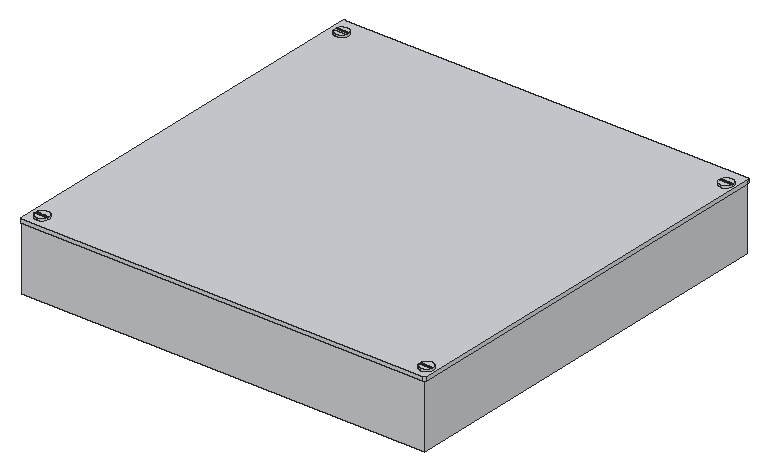
Revit family "AB22G", category Generic Models, Revit 2017
Family settings
  Can host rebar = No
  Round Connector Dimension = Use Diameter
  Part Type = Normal
  Work Plane-Based = Yes
  Always vertical = No
  Cut with Voids When Loaded = No
  Shared = No
  Room Calculation Point = No
Parameters (values of type "NBS Standard Parameters")
  Weight = "2.2Kg"
  WarrantyStartDate [instance] = "1900-12-31T23:59:59"
  WarrantyGuarantorParts = "n/a"
  WarrantyGuarantorLabor = "n/a"
  WarrantyDurationUnit = "1 year"
  WarrantyDurationParts = "n/a"
  WarrantyDurationLabor = "n/a"
  WarrantyDescription = "n/a"
  Version = "1"
  Uniclass2 = "Pr_65_52_01_86"
  TagNumber [instance] = "n/a"
  SustainabilityPerformance = "n/a"
  Size = "300 X 300 X 50mm (12 X 12 X 3\")"
  Shape = "Square"
  SerialNumber [instance] = "n/a"
  Revision = "n/a"
  ReplacementCost = "n/a"
  ProductInformation = "www.metpro.co.uk/pdf/ab22g.pdf"
  NominalWidth = 300 mm
  NominalLength = 300 mm
  NominalHeight = 50 mm
  Name = ""
  NBSTypeID = ""
  NBSReference = "45-35-00/340"
  NBSOfficeMasterTag = ""
  NBSNote = ""
  NBSDescription = "Surface Boxes"
  NBSCertification = ""
  ModelReference = "AB22G"
  ModelNumber = "n/a"
  Material = "Galvanised Steel Sheet"
  ManufacturerURL = "www.metpro.co.uk"
  ManufacturerName = "Metpro Ltd"
  Keynote = "Compliant to LU Standard 1-085"
  InstallationDate [instance] = "1900-12-31T23:59:59"
  IfcExportType = ""
  IfcExportAs = ""
  Grade = "n/a"
  Finish = "Pre Galvanised Sheet Steel"
  Features = "n/a"
  ExpectedLife = "n/a"
  DurationUnit = "year"
  Description = "AB22G - 300 X 300 X 50mm ( 12 X 12 X 2\")  Adaptable Box - Plain"
  Default Elevation = 1219.2 mm
  Constituents = "n/a"
  Color = "n/a"
  CodePerformance = "n/a"
  Category = "n/a"
  BarCode [instance] = "n/a"
  BIMObjectName = "Metpro_metprolibrary_surfaceboxes_adaptablebox_plainsided"
  Author = "Metpro Ltd"
  AssetType = ""
  AssetIdentifier [instance] = "n/a"
  AccessibilityPerformance = "n/a"
Reference planes
  plane 1 "Center (Front/Back)": y = 0
  plane 2: z = 0
  plane 3 "Center (Left/Right)": x = 0
Forms (mm)
  Extrusion 1, solid
    sketch origin (129.146, -96.748, 130.094) x (0, -1, 0) y (1, 0, 0)
      loop
        line (-2.199, -305) -> (-2.199, -5) -> (-302.199, -5) -> (-302.199, -305) -> (-2.199, -305)
    from 0 to 47.5
  Extrusion 2, solid
    sketch origin (129.146, -96.748, 177.594) x (0, -1, 0) y (1, 0, 0)
      loop
        line (-301.75, -306) -> (-2.599, -306)
        arc (-2.599, -306) -> (-1.609, -305.59) -> (-1.199, -304.6) r 1.4
        line (-1.199, -304.6) -> (-1.199, -5.4)
        arc (-1.199, -5.4) -> (-1.609, -4.41) -> (-2.599, -4) r 1.4
        line (-2.599, -4) -> (-301.799, -4)
        arc (-301.799, -4) -> (-302.789, -4.41) -> (-303.199, -5.4) r 1.4
        line (-303.199, -5.4) -> (-303.199, -304.551)
        arc (-303.199, -304.551) -> (-302.774, -305.576) -> (-301.75, -306) r 1.449
    from 0 to 2.5
  Extrusion 3, solid
    sketch origin (129.146, -92.373, 180.094) x (0, -1, 0) y (1, 0, 0)
      loop
        circle (-285.949, -297.25) r 5
      loop
        circle (-7.199, -297.25) r 5
      loop
        circle (-285.949, -11) r 5
      loop
        circle (-7.199, -11) r 5
    from 0 to 1
  Extrusion 4, void
    sketch origin (129.146, -92.373, 181.094) x (1, 0, 0) y (0, -1, 0)
      loop
        line (-303.636, -5.85) -> (-303.636, -8.35) -> (-288.636, -8.35) -> (-288.636, -5.85) -> (-303.636, -5.85)
      loop
        line (-307.386, -287.283) -> (-287.386, -287.283) -> (-287.386, -284.783) -> (-307.386, -284.783) -> (-307.386, -287.283)
      loop
        line (-17.801, -284.99) -> (-17.801, -287.009) -> (-2.801, -287.009) -> (-2.801, -284.99) -> (-17.801, -284.99)
      loop
        line (-17.956, -5.647) -> (-17.956, -7.821) -> (-1.342, -7.821) -> (-1.342, -5.647) -> (-17.956, -5.647)
    from 0 to 0.5
Cuts and joins
  Extrusion 4 cuts Extrusion 3
Dimensions and locks
  aligned and locked: level to plane 2
